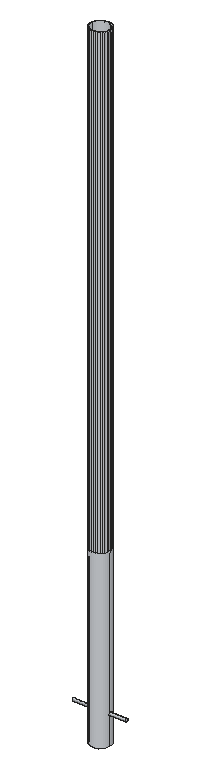
Revit family "DB4F8", category Generic Models, Revit 2014
Reference planes (in)
  plane 1 "Center (Front/Back)": y = 0
  plane 2: z = 0
  plane 3 "Center (Left/Right)": x = 0
  plane 4: z = 96
  plane 5: z = -36
Forms (in)
  Revolve 1, solid
    sketch origin (0, 0, 0) x (1, 0, 0) y (0, 0, 1)
      loop
        line (5.5, -29.75) -> (-5.5, -29.75) -> (-5.5, -30) -> (5.5, -30) -> (5.5, -29.75)
      axis (5.5, -30) -> (-5.5, -30)
    angle from 0 to 360
  Extrusion 2, solid
    sketch origin (-30.71515, 27.06145, 35.22897) x (0, -1, 0) y (1, 0, 0)
      loop
        circle (27.06145, 30.71515) r 1.8125
      loop
        arc (29.05515, 30.90265) -> (29.02547, 31.10582) -> (28.97514, 31.30488) r 2.0025
        arc (28.97514, 31.30488) -> (28.84685, 31.45469) -> (28.83164, 31.65134) r 0.31781
        arc (28.83164, 31.65134) -> (28.72647, 31.82768) -> (28.60379, 31.99233) r 2.0025
        arc (28.60379, 31.99233) -> (28.42793, 32.08163) -> (28.33863, 32.25749) r 0.31781
        arc (28.33863, 32.25749) -> (28.17398, 32.38017) -> (27.99763, 32.48534) r 2.0025
        arc (27.99763, 32.48534) -> (27.80098, 32.50055) -> (27.65118, 32.62885) r 0.31781
        arc (27.65118, 32.62885) -> (27.45212, 32.67917) -> (27.24895, 32.70885) r 2.0025
        arc (27.24895, 32.70885) -> (27.06145, 32.64765) -> (26.87395, 32.70885) r 0.31781
        arc (26.87395, 32.70885) -> (26.67078, 32.67917) -> (26.47172, 32.62885) r 2.0025
        arc (26.47172, 32.62885) -> (26.32191, 32.50055) -> (26.12526, 32.48534) r 0.31781
        arc (26.12526, 32.48534) -> (25.94892, 32.38017) -> (25.78427, 32.25749) r 2.0025
        arc (25.78427, 32.25749) -> (25.69496, 32.08163) -> (25.51911, 31.99233) r 0.31781
        arc (25.51911, 31.99233) -> (25.39643, 31.82768) -> (25.29126, 31.65134) r 2.0025
        arc (25.29126, 31.65134) -> (25.27605, 31.45469) -> (25.14775, 31.30488) r 0.31781
        arc (25.14775, 31.30488) -> (25.09743, 31.10582) -> (25.06775, 30.90265) r 2.0025
        arc (25.06775, 30.90265) -> (25.12895, 30.71515) -> (25.06775, 30.52765) r 0.31781
        arc (25.06775, 30.52765) -> (25.09743, 30.32448) -> (25.14775, 30.12542) r 2.0025
        arc (25.14775, 30.12542) -> (25.27605, 29.97562) -> (25.29126, 29.77897) r 0.31781
        arc (25.29126, 29.77897) -> (25.39643, 29.60262) -> (25.51911, 29.43797) r 2.0025
        arc (25.51911, 29.43797) -> (25.69496, 29.34867) -> (25.78427, 29.17281) r 0.31781
        arc (25.78427, 29.17281) -> (25.94892, 29.05013) -> (26.12526, 28.94496) r 2.0025
        arc (26.12526, 28.94496) -> (26.32191, 28.92975) -> (26.47172, 28.80146) r 0.31781
        arc (26.47172, 28.80146) -> (26.67078, 28.75113) -> (26.87395, 28.72145) r 2.0025
        arc (26.87395, 28.72145) -> (27.06145, 28.78265) -> (27.24895, 28.72145) r 0.31781
        arc (27.24895, 28.72145) -> (27.45212, 28.75113) -> (27.65118, 28.80146) r 2.0025
        arc (27.65118, 28.80146) -> (27.80098, 28.92975) -> (27.99763, 28.94496) r 0.31781
        arc (27.99763, 28.94496) -> (28.17398, 29.05013) -> (28.33863, 29.17281) r 2.0025
        arc (28.33863, 29.17281) -> (28.42793, 29.34867) -> (28.60379, 29.43797) r 0.31781
        arc (28.60379, 29.43797) -> (28.72647, 29.60262) -> (28.83164, 29.77897) r 2.0025
        arc (28.83164, 29.77897) -> (28.84685, 29.97562) -> (28.97514, 30.12542) r 0.31781
        arc (28.97514, 30.12542) -> (29.02547, 30.32448) -> (29.05515, 30.52765) r 2.0025
        arc (29.05515, 30.52765) -> (28.99395, 30.71515) -> (29.05515, 30.90265) r 0.31781
    from -35.22897 to 60.77103
  Revolve 3, solid
    sketch origin (0, 0, 0) x (1, 0, 0) y (0, 0, 1)
      loop
        line (-1.9937, 0) -> (-1.9937, -36) -> (-1.8062, -36) -> (-1.8062, 0) -> (-1.9937, 0)
      axis (0, 0) -> (0, -36)
    angle from 0 to 360
Cuts and joins
  joined: Revolve 1, Extrusion 2, Revolve 3
Dimensions and locks (in)
  aligned and locked: plane 2 to level
